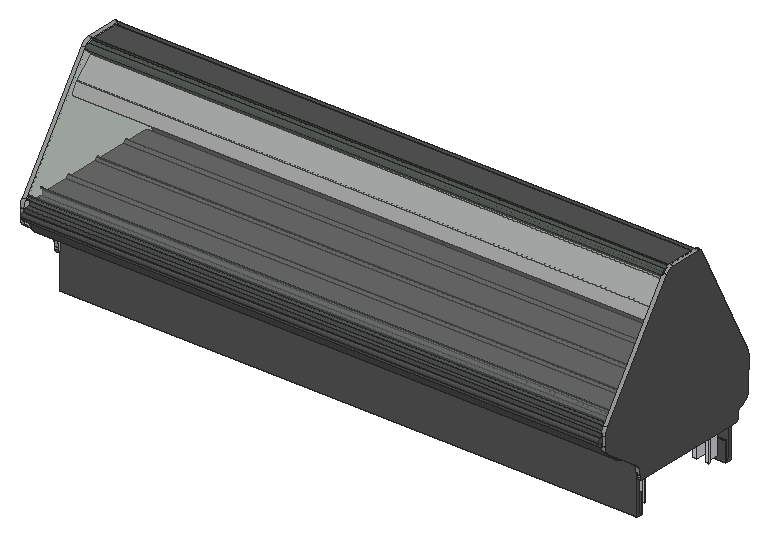
Revit family "ESGSS_2014", category Specialty Equipment, Revit 2014 (continued)
Definition of nested family "Floor Support - E Series"
  Forms (in)
    Extrusion 3, solid, material <- "Floor Support"
      sketch origin (0, 0, 0) x (1, 0, 0) y (0, 1, 0)
        loop
          circle (-0.61949, -28.592) r 0.5
        loop
          circle (-0.61949, -3.519) r 0.5
      from 0.5625 to 0.6875
    Extrusion 4, solid, material <- "Floor Support"
      sketch origin (0, 0, 0) x (1, 0, 0) y (0, 1, 0)
        loop
          line (-1.74449, -3.118) -> (-1.74449, -29.25) -> (0.50551, -29.25) -> (0.50551, -3.118) -> (-1.74449, -3.118)
      from 12.56949 to 15.4495
  Dimensions and locks (in)
    "Depth": plane 4 "Front" to plane 1 "Back"
    "Height": plane 3 "Top" to level
    equal spacing: plane 6 "Left", plane 5 "Center (Left/Right)", plane 7 "Right"
    "Width": plane 6 "Left" to plane 7 "Right"
    aligned and locked: Extrusion 4 to plane 3 "Top"
    aligned and locked: Extrusion 1 to plane 3 "Top"
  Automatic sketch dimensions
    plane 1 "Back" to Extrusion 1 sketch curve = 0"
    Extrusion 1 sketch curve to Extrusion 1 sketch curve = 1/8"  (x9)
    plane 1 "Back" to Extrusion 1 sketch curve = 1/8"
    Extrusion 1 sketch curve to Extrusion 1 sketch curve = 0"  (x2)
    Extrusion 1 sketch curve to plane 6 "Left" = 0"  (x2)
    plane 6 "Left" to Extrusion 1 sketch curve = 3/4"  (x2)
    Extrusion 1 sketch curve to plane 7 "Right" = 0"  (x2)
    Extrusion 1 sketch curve to plane 7 "Right" = 7/8"
    Extrusion 1 sketch curve to Extrusion 1 sketch curve = 7/8"
    Extrusion 3 sketch curve to plane 5 "Center (Left/Right)" = 0"  (x2)
    plane 4 "Front" to Extrusion 4 sketch curve = 1/8"
    plane 6 "Left" to Extrusion 4 sketch curve = 7/8"
    Extrusion 4 sketch curve to plane 7 "Right" = 7/8"
    plane 1 "Back" to Extrusion 4 sketch curve = 1/8"
    Extrusion 1 sketch curve to plane 4 "Front" = 0"
    Extrusion 1 sketch curve to Extrusion 1 sketch curve = 2.944"
    plane 4 "Front" to Extrusion 3 sketch curve = 0.783"
    Extrusion 1 sketch curve to Extrusion 1 sketch curve = 3.069"
    plane 1 "Back" to Extrusion 3 sketch curve = 0.526"
    radius of Extrusion 3 sketch curve = 1/2"  (x2)
Definition of nested family "Service Doors - 117deg - 48"
  Parameters (values of type "Service Doors - 117deg - 48")
    Glazing = Glass
    Door Frame = Plastic - 144 Mist Gray
  Reference planes (in)
    plane 1 "Center (Front/Back)": y = 25.29918
    plane 2: z = 0
    plane 3 "Center (Left/Right)": x = 0
  Forms (in)
    Sweep 1, solid, material "Plastic - 144 Mist Gray" <- "Door Frame"
      path in 3D
        loop
          line (48, 12.47395, 49.89806) -> (0, 12.47395, 49.89806) -> (0, 25.29918, 24.72713) -> (48, 25.29918, 24.72713) -> (48, 12.47395, 49.89806)
      profile origin (24, 12.47395, 49.89806) x (0, -0.999433, -0.03367) y (0, -0.03367, 0.999433)
        loop
          line (0.21162, -0.099) -> (0, 0) -> (-0.6356, -1.35868) -> (1.40139, -2.3116) -> (1.82513, -1.40581) -> (0.01501, -0.55903) -> (0.21162, -0.099)
    Extrusion 2, solid, material "Plastic - 144 Mist Gray" <- "Door Frame"
      sketch origin (1.5, 11.15118, 47.54059) x (0, 0.45399, -0.891007) y (0, 0.891007, 0.45399)
        loop
          line (0, 0.25) -> (25.25, 0.25) -> (25.25, 1.0625) -> (0, 1.0625) -> (0, 0.25)
      from 0 to 23
    Extrusion 3, solid, material "Plastic - 144 Mist Gray" <- "Door Frame"
      sketch origin (46.5, 22.61444, 25.04267) x (0, -0.45399, 0.891007) y (0, 0.891007, 0.45399)
        loop
          line (25.25, 1.875) -> (0, 1.875) -> (0, 1.0625) -> (25.25, 1.0625) -> (25.25, 1.875)
      from 0 to 23
    Extrusion 4, void
      sketch origin (46.5, 13.11976, 47.80708) x (0, -0.45399, 0.891007) y (-1, 0, 0)
        loop
          line (-23.09373, 21.5) -> (-23.09373, 1.5) -> (-0.84373, 1.5) -> (-0.84373, 21.5) -> (-23.09373, 21.5)
      from 0 to 0.8125
    Extrusion 5, void
      sketch origin (1.5, 11.1405, 48.11223) x (0, -0.45399, 0.891007) y (1, 0, 0)
        loop
          line (-2.01418, 21.5) -> (-24.26418, 21.5) -> (-24.26418, 1.5) -> (-2.01418, 1.5) -> (-2.01418, 21.5)
      from 0 to 0.8125
    Extrusion 6, solid, material "Glass" <- "Glazing"
      sketch origin (25, 24.28508, 25.8939) x (0, -0.45399, 0.891007) y (0, -0.891007, -0.45399)
        loop
          line (1.5, 0.1875) -> (25.25, 0.1875) -> (25.25, 0.625) -> (1.5, 0.625) -> (1.5, 0.1875)
      from 0 to 20
    Extrusion 7, solid, material "Glass" <- "Glazing"
      sketch origin (23, 11.37393, 47.65408) x (0, 0.45399, -0.891007) y (0, -0.891007, -0.45399)
        loop
          line (1.5, -0.625) -> (25.25, -0.625) -> (25.25, -0.1875) -> (1.5, -0.1875) -> (1.5, -0.625)
      from 0 to 20
  Cuts and joins
    Extrusion 4 cuts Extrusion 3
    Extrusion 5 cuts Extrusion 2
  Lines and regions (in)
    sketch lines
      curve 1: line (48, 25.29918, 24.72713) -> (48, 12.47395, 49.89806)
      curve 2: line (0, 12.47395, 49.89806) -> (0, 25.29918, 24.72713)
      curve 3: line (48, 12.47395, 49.89806) -> (0, 12.47395, 49.89806)
      curve 4: line (48, 25.29918, 24.72713) -> (0, 25.29918, 24.72713)
  Dimensions and locks (in)
    Extrusion 2 to Extrusion 3 = 45"
    plane 3 "Center (Left/Right)" to Sweep 1 = 48"
    Sweep 1 to Sweep 1 = 1 1/2"
    locked: cut or joined group of Extrusion 3, Extrusion 4 to Extrusion 4 sketch curve at 1.5
    locked: Extrusion 5 sketch curve to cut or joined group of Extrusion 2, Extrusion 5 at 1.5
    Sweep 1 to Sweep 1 = 28 1/4"
    locked: cut or joined group of Extrusion 2, Extrusion 5 to Extrusion 5 sketch curve at 1.5  (x2)
    locked: Sweep 1 to Extrusion 5 sketch curve at 1.5
    locked: Extrusion 4 sketch curve to Sweep 1 at 1.5  (x3)
    Sweep 1 to Sweep 1 = 45"
    angle level to Sweep 1 = 117.00°
    aligned and locked: plane 2 to level
    aligned and locked: Extrusion 3 to Sweep 1  (x3)
    aligned and locked: Extrusion 2 to Sweep 1
    aligned and locked: Extrusion 6 to cut or joined group of Extrusion 3, Extrusion 4
    aligned and locked: cut or joined group of Extrusion 3, Extrusion 4 to Extrusion 6
    aligned and locked: cut or joined group of Extrusion 2, Extrusion 5 to Extrusion 7
    aligned and locked: plane 1 "Center (Front/Back)" to Sweep 1
    aligned and locked: Sweep 1 to Extrusion 2 sketch curve  (x2)
    aligned and locked: cut or joined group of Extrusion 2, Extrusion 5 to Extrusion 7 sketch curve
    aligned and locked: Extrusion 7 sketch curve to Sweep 1
    aligned and locked: Sweep 1 to Extrusion 3 sketch curve  (x2)
    aligned and locked: Extrusion 6 sketch curve to Sweep 1
    aligned and locked: Extrusion 6 sketch curve to cut or joined group of Extrusion 3, Extrusion 4
Definition of nested family "Service Doors - 117deg - 72"
  Parameters (values of type "Service Doors - 117deg - 72")
    Glazing = none
    Door Frame = none
  Reference planes (in)
    plane 1 "Center (Front/Back)": y = 25.29918
    plane 2: z = 0
    plane 3 "Center (Left/Right)": x = 0
  Forms (in)
    Sweep 1, solid, material <- "Door Frame"
      path in 3D
        loop
          line (72, 12.47395, 49.89806) -> (0, 12.47395, 49.89806) -> (0, 25.29918, 24.72713) -> (72, 25.29918, 24.72713) -> (72, 12.47395, 49.89806)
      profile origin (36, 12.47395, 49.89806) x (0, -0.999433, -0.03367) y (0, -0.03367, 0.999433)
        loop
          line (0.21162, -0.099) -> (0, 0) -> (-0.6356, -1.35868) -> (1.40139, -2.3116) -> (1.82513, -1.40581) -> (0.01501, -0.55903) -> (0.21162, -0.099)
    Extrusion 2, solid, material <- "Door Frame"
      sketch origin (1.5, 11.15118, 47.54059) x (0, 0.45399, -0.891007) y (0, 0.891007, 0.45399)
        loop
          line (0, 0.25) -> (25.25, 0.25) -> (25.25, 1.0625) -> (0, 1.0625) -> (0, 0.25)
      from 0 to 35
    Extrusion 3, solid, material <- "Door Frame"
      sketch origin (70.5, 22.61444, 25.04267) x (0, -0.45399, 0.891007) y (0, 0.891007, 0.45399)
        loop
          line (25.25, 1.875) -> (0, 1.875) -> (0, 1.0625) -> (25.25, 1.0625) -> (25.25, 1.875)
      from 0 to 35
    Extrusion 4, void
      sketch origin (70.5, 13.11976, 47.80708) x (0, -0.45399, 0.891007) y (-1, 0, 0)
        loop
          line (-23.09373, 33.5) -> (-23.09373, 1.5) -> (-0.84373, 1.5) -> (-0.84373, 33.5) -> (-23.09373, 33.5)
      from 0 to 0.8125
    Extrusion 5, void
      sketch origin (1.5, 11.1405, 48.11223) x (0, -0.45399, 0.891007) y (1, 0, 0)
        loop
          line (-2.01418, 33.5) -> (-24.26418, 33.5) -> (-24.26418, 1.5) -> (-2.01418, 1.5) -> (-2.01418, 33.5)
      from 0 to 0.8125
    Extrusion 6, solid, material <- "Glazing"
      sketch origin (37, 24.28508, 25.8939) x (0, -0.45399, 0.891007) y (0, -0.891007, -0.45399)
        loop
          line (1.5, 0.1875) -> (25.25, 0.1875) -> (25.25, 0.625) -> (1.5, 0.625) -> (1.5, 0.1875)
      from 0 to 32
    Extrusion 7, solid, material <- "Glazing"
      sketch origin (35, 11.37393, 47.65408) x (0, 0.45399, -0.891007) y (0, -0.891007, -0.45399)
        loop
          line (1.5, -0.625) -> (25.25, -0.625) -> (25.25, -0.1875) -> (1.5, -0.1875) -> (1.5, -0.625)
      from 0 to 32
  Cuts and joins
    Extrusion 4 cuts Extrusion 3
    Extrusion 5 cuts Extrusion 2
  Lines and regions (in)
    sketch lines
      curve 1: line (72, 25.29918, 24.72713) -> (72, 12.47395, 49.89806)
      curve 2: line (0, 12.47395, 49.89806) -> (0, 25.29918, 24.72713)
      curve 3: line (72, 12.47395, 49.89806) -> (0, 12.47395, 49.89806)
      curve 4: line (72, 25.29918, 24.72713) -> (0, 25.29918, 24.72713)
  Dimensions and locks (in)
    Extrusion 2 to Extrusion 3 = 69"
    plane 3 "Center (Left/Right)" to Sweep 1 = 72"
    Sweep 1 to Sweep 1 = 1 1/2"
    locked: cut or joined group of Extrusion 3, Extrusion 4 to Extrusion 4 sketch curve at 1.5
    locked: Extrusion 5 sketch curve to cut or joined group of Extrusion 2, Extrusion 5 at 1.5
    Sweep 1 to Sweep 1 = 28 1/4"
    locked: cut or joined group of Extrusion 2, Extrusion 5 to Extrusion 5 sketch curve at 1.5  (x2)
    locked: Sweep 1 to Extrusion 5 sketch curve at 1.5
    locked: Extrusion 4 sketch curve to Sweep 1 at 1.5  (x3)
    Sweep 1 to Sweep 1 = 69"
    angle level to Sweep 1 = 117.00°
    aligned and locked: plane 2 to level
    aligned and locked: Extrusion 3 to Sweep 1  (x3)
    aligned and locked: Extrusion 2 to Sweep 1
    aligned and locked: Extrusion 6 to cut or joined group of Extrusion 3, Extrusion 4
    aligned and locked: cut or joined group of Extrusion 3, Extrusion 4 to Extrusion 6
    aligned and locked: cut or joined group of Extrusion 2, Extrusion 5 to Extrusion 7
    aligned and locked: plane 1 "Center (Front/Back)" to Sweep 1
    aligned and locked: Sweep 1 to Extrusion 2 sketch curve  (x2)
    aligned and locked: cut or joined group of Extrusion 2, Extrusion 5 to Extrusion 7 sketch curve
    aligned and locked: Extrusion 7 sketch curve to Sweep 1
    aligned and locked: Sweep 1 to Extrusion 3 sketch curve  (x2)
    aligned and locked: Extrusion 6 sketch curve to Sweep 1
    aligned and locked: Extrusion 6 sketch curve to cut or joined group of Extrusion 3, Extrusion 4
Definition of nested family "Light"
  Parameters (values of type "Light")
    Wattage = 16.1571 W
    built-in parameter 1150110 = 1 (stored number, unit not read)
    built-in parameter 1114217 = 1 (stored number, unit not read)
    built-in parameter 1150109 = 1 (stored number, unit not read)
    built-in parameter 1150134 = (empty or 0)
    built-in parameter 1150113 = 1 (stored number, unit not read)
    Lumens = 2400 lm
    built-in parameter 1150115 = 1 (stored number, unit not read)
    built-in parameter 1150105 = 763.94 (stored number, unit not read)
    Light Source Symbol Size = 24"
    built-in parameter 1150137 = (empty or 0)
    built-in parameter 1150139 = (empty or 0)
    Lense = none
    Length = 144"
    built-in parameter 1150112 = 1 (stored number, unit not read)
    built-in parameter 1150114 = 1 (stored number, unit not read)
    built-in parameter 1150132 = 2
    built-in parameter 1150102 = (empty or 0)
    built-in parameter 1150138 = (empty or 0)
    built-in parameter 1150107 = 6100 (stored number, unit not read)
    built-in parameter 1150106 = 7.6394 (stored number, unit not read)
    Emit from Line Length = Length  # 144"
    built-in parameter 1150104 = 13.8 (stored number, unit not read)
    Dimming Lamp Color Temperature Shift = (empty or 0)
    Color Filter = 16777215
    Casing = none
    built-in parameter 1114218 = 1 (stored number, unit not read)
    built-in parameter 1150133 = 10 (stored number, unit not read)
  Reference planes (in)
    plane 1 "Light Source Axis (F/B)": y = -8.60801
    plane 2: z = 0
    plane 3 "Light Source Axis (L/R)": x = 0
    plane 4 "Light Source Elevation": z = 52.5
    plane 5: z = 0
    plane 6 "Left": x = -72
    plane 7 "Right": x = 72
  Lines and regions (in)
    model lines
      curve 1: line (-72, -8.60801, 52.5) -> (72, -8.60801, 52.5)
  Dimensions and locks (in)
    equal spacing: plane 7 "Right", plane 3 "Light Source Axis (L/R)", plane 6 "Left"
    "Length": plane 7 "Right" to plane 6 "Left"
    aligned and locked: plane 3 "Light Source Axis (L/R)" to imposter light
    aligned and locked: plane 1 "Light Source Axis (F/B)" to imposter light
    aligned and locked: plane 4 "Light Source Elevation" to imposter light
    aligned and locked: level to plane 5
  Automatic sketch dimensions
    plane 1 "Light Source Axis (F/B)" to curve 1 = 0"
    curve 1 to plane 6 "Left" = 0"
    curve 1 to plane 7 "Right" = 0"
Types (4): name | Width | Total Weight | Number of Supports | Location of Drain | Case Weight | 8 Case | 6 Case | 4 Case | 12 Case
  12'-0" Length | 144 1/2" | 1400.00 lbf | 4 | 72 1/4" | 1200.00 lbf | no | no | no | yes
  6'-0" Length | 72 3/8" | 900.00 lbf | 3 | 24 1/8" | 700.00 lbf | no | yes | no | no
  8'-0" Length | 96 3/8" | 1300.00 lbf | 3 | 24 1/8" | 1100.00 lbf | yes | no | no | no
  4'-0" Length | 48 1/4" | 800.00 lbf | 2 | 24 1/8" | 600.00 lbf | no | no | yes | no
